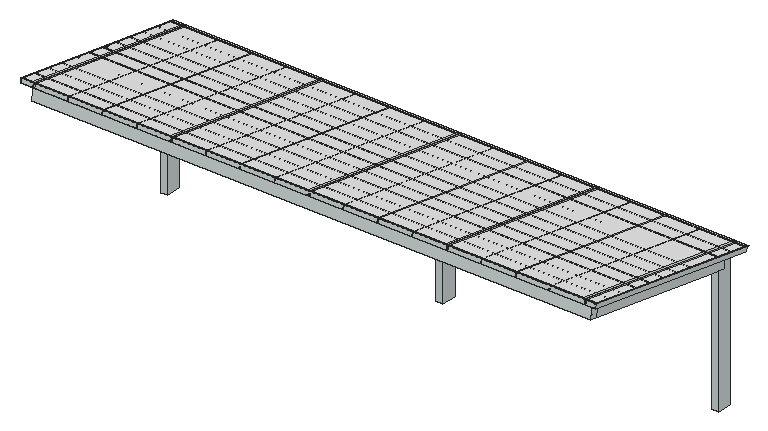
Revit family "Structures Unlimited Single Wing Canopy", category Generic Models, Revit 2018 (continued)
Definition of nested family "Single Wing Canopy Column"
  Parameters (values of type "Single Wing Canopy Column")
    Void Width [instance] = Column Spacing - Beam Width  # 7' - 7"
    Void Offset [instance] = Column Spacing / 2  # 4' - 0"
    Roof Pitch [instance] = 15.00°
    Half Beam Width [instance] = Beam Width / 2  # 0' - 2 1/2"
    Half Beam Height [instance] = Beam Height / 2  # 0' - 7 1/2"
    Column Spacing [instance] = 8' - 0"
    Column Height [instance] = 6' - 8"
    CTR To CTR Of Beams [instance] = 12' - 6"
    CRF [instance] = none
    Beam Width [instance] = 0' - 5"
    Beam Height [instance] = 1' - 3"
  Reference planes (in)
    plane 1 "Center (Front/Back)": y = 0
    plane 2: z = 0
    plane 3 "Center (Left/Right)": x = 0
    plane 4: y = 150
    plane 5: y = -2.5
    plane 6: y = 152.5
    plane 7: x = 92.5
    plane 8: x = -7.5
    plane 9: x = 7.5
    plane 10: z = 80
    plane 11: x = -2.5
    plane 12: z = 85.26345
    plane 13: y = 144
    plane 14: y = 336
    plane 15: y = 528
    plane 16: y = 240
    plane 17: y = 48
    plane 18: y = 432
    plane 19: y = 624
    plane 20: y = 720
    plane 21: y = 816
    plane 22: y = 912
    plane 23: y = 1008
    plane 24: y = 1104
    plane 25: y = 1200
    plane 26: y = 1296
    plane 27: y = 1392
    plane 28: y = 1488
    plane 29: y = 1680
    plane 30: y = 1872
    plane 31: y = 1968
    plane 32: y = 1776
    plane 33: y = 1584
    plane 34: y = 2064
    plane 35: y = 2160
    plane 36: y = 2256
    plane 37: y = 2352
    plane 38: y = 2448
    plane 39: y = 2640
    plane 40: y = 2832
    plane 41: y = 3024
    plane 42: y = 2928
    plane 43: y = 2736
    plane 44: y = 2544
    plane 45: y = 3120
    plane 46: y = 3216
    plane 47: y = 3312
    plane 48: y = 3408
    plane 49: y = 3504
    plane 50: x = -750
    plane 51: x = 2000
    plane 52: z = 1200
  Forms (in)
    Sweep 1, void
      path origin (0, 0, 0) x (1, 0, 0) y (0, 1, 0)
        loop
          line (-750, 3504) -> (2000, 3504) -> (2000, 3408) -> (-750, 3408) -> (-750, 3312) -> (2000, 3312) -> (2000, 3216) -> (-750, 3216) -> (-750, 3120) -> (2000, 3120) -> (2000, 3024) -> (-750, 3024) -> (-750, 2928) -> (2000, 2928) -> (2000, 2832) -> (-750, 2832) -> (-750, 2736) -> (2000, 2736) -> (2000, 2640) -> (-750, 2640) -> (-750, 2544) -> (2000, 2544) -> (2000, 2448) -> (-750, 2448) -> (-750, 2352) -> (2000, 2352) -> (2000, 2256) -> (-750, 2256) -> (-750, 2160) -> (2000, 2160) -> (2000, 2064) -> (-750, 2064) -> (-750, 1968) -> (2000, 1968) -> (2000, 1872) -> (-750, 1872) -> (-750, 1776) -> (2000, 1776) -> (2000, 1680) -> (-750, 1680) -> (-750, 1584) -> (2000, 1584) -> (2000, 1488) -> (-750, 1488) -> (-750, 1392) -> (2000, 1392) -> (2000, 1296) -> (-750, 1296) -> (-750, 1200) -> (2000, 1200) -> (2000, 1104) -> (-750, 1104) -> (-750, 1008) -> (2000, 1008) -> (2000, 912) -> (-750, 912) -> (-750, 816) -> (2000, 816) -> (2000, 720) -> (-750, 720) -> (-750, 624) -> (2000, 624) -> (2000, 528) -> (-750, 528) -> (-750, 432) -> (2000, 432) -> (2000, 336) -> (-750, 336) -> (-750, 240) -> (2000, 240) -> (2000, 144) -> (-750, 144) -> (-750, 48) -> (2000, 48)
      profile origin (625, 48, 0) x (0, 1, 0) y (0, 0, 1)
        loop
          line (-45.5, 0) -> (45.5, 0) -> (45.5, 1200) -> (-45.5, 1200) -> (-45.5, 0)
    Extrusion 2, solid, material <- "CRF"
      sketch origin (0, 0, 0) x (1, 0, 0) y (0, 0, 1)
        loop
          line (-7.5, 0) -> (7.5, 0) -> (7.5, 68.4901) -> (-2.5, 65.8106) -> (-2.5, 81.33975) -> (-7.5, 80) -> (-7.5, 0)
      from 2.5 to -152.5
  Cuts and joins
    Sweep 1 cuts Extrusion 2
  Lines and regions (in)
    reference lines
      curve 1: line (-7.5, 0, 80) -> (186.65109, 0, 132.02263)
      curve 2: line (-33.01573, 0, 57.63394) -> (285.73979, 0, 143.04422)
      curve 3: line (92.5, 0, 106.79492) -> (136.75806, 0, -58.3784)
      curve 4: line (80.93379, 0, 130.6421) -> (138.39162, 0, -83.79344)
  Dimensions and locks (in)
    "CTR To CTR Of Beams": plane 1 "Center (Front/Back)" to plane 4
    "Half Beam Width": plane 5 to plane 1 "Center (Front/Back)"
    "Half Beam Width": plane 6 to plane 4
    equal spacing: plane 8, plane 3 "Center (Left/Right)", plane 9
    "Beam Height": plane 8 to plane 9
    "Width Of Canopy": plane 8 to plane 7
    "Column Height": plane 10 to plane 2
    locked: curve 1 to plane 10
    locked: plane 8 to curve 1 at 0
    "Beam Height": curve 2 to curve 1
    "Beam Width": plane 11 to plane 8
    "Void Offset": plane 1 "Center (Front/Back)" to plane 17
    "Column Spacing": plane 15 to plane 18 to plane 14 to plane 16 to plane 13 to plane 17
    "Column Spacing": plane 28 to plane 27 to plane 26 to plane 25 to plane 24 to plane 23 to plane 22 to plane 21 to plane 20 to plane 19 to plane 15
    "Column Spacing": plane 28 to plane 33 to plane 29 to plane 32 to plane 30 to plane 31 to plane 34 to plane 35 to plane 36 to plane 37 to plane 38 to plane 44 to plane 39 to plane 43 to plane 40 to plane 42 to plane 41
    "Column Spacing": plane 49 to plane 48 to plane 47 to plane 46 to plane 45 to plane 41
    locked: plane 3 "Center (Left/Right)" to plane 51 at 2000
    locked: plane 50 to plane 3 "Center (Left/Right)" at 750
    locked: plane 52 to plane 2 at 1200
    equal spacing: Sweep 1 sketch curve, profile plane, Sweep 1 sketch curve
    "Void Width": Sweep 1 sketch curve to Sweep 1 sketch curve
    "Beam Width": curve 4 to curve 3
    "Roof Pitch": angle plane 2 to curve 1
    "Roof Pitch": angle plane 2 to curve 2
    "Roof Pitch": angle plane 7 to curve 3
    "Roof Pitch": angle plane 7 to curve 4
    aligned and locked: plane 2 to level
    aligned and locked: Sweep 1 sketch curve to plane 17
    aligned and locked: Sweep 1 sketch curve to plane 13
    aligned and locked: Sweep 1 sketch curve to plane 16
    aligned and locked: Sweep 1 sketch curve to plane 14
    aligned and locked: Sweep 1 sketch curve to plane 18
    aligned and locked: Sweep 1 sketch curve to plane 15
    aligned and locked: Sweep 1 sketch curve to plane 19
    aligned and locked: Sweep 1 sketch curve to plane 20
    aligned and locked: Sweep 1 sketch curve to plane 21
    aligned and locked: Sweep 1 sketch curve to plane 22
    aligned and locked: Sweep 1 sketch curve to plane 23
    aligned and locked: Sweep 1 sketch curve to plane 24
    aligned and locked: Sweep 1 sketch curve to plane 25
    aligned and locked: Sweep 1 sketch curve to plane 26
    aligned and locked: Sweep 1 sketch curve to plane 27
    aligned and locked: Sweep 1 sketch curve to plane 28
    aligned and locked: Sweep 1 sketch curve to plane 33
    aligned and locked: Sweep 1 sketch curve to plane 29
    aligned and locked: Sweep 1 sketch curve to plane 32
    aligned and locked: Sweep 1 sketch curve to plane 30
    aligned and locked: Sweep 1 sketch curve to plane 31
    aligned and locked: Sweep 1 sketch curve to plane 34
    aligned and locked: Sweep 1 sketch curve to plane 35
    aligned and locked: Sweep 1 sketch curve to plane 36
    aligned and locked: Sweep 1 sketch curve to plane 37
    aligned and locked: Sweep 1 sketch curve to plane 38
    aligned and locked: Sweep 1 sketch curve to plane 44
    aligned and locked: Sweep 1 sketch curve to plane 39
    aligned and locked: Sweep 1 sketch curve to plane 43
    aligned and locked: Sweep 1 sketch curve to plane 40
    aligned and locked: Sweep 1 sketch curve to plane 42
    aligned and locked: Sweep 1 sketch curve to plane 41
    aligned and locked: Sweep 1 sketch curve to plane 45
    aligned and locked: Sweep 1 sketch curve to plane 46
    aligned and locked: Sweep 1 sketch curve to plane 47
    aligned and locked: Sweep 1 sketch curve to plane 48
    aligned and locked: Sweep 1 sketch curve to plane 49
    aligned and locked: plane 51 to Sweep 1 sketch curve  (x19)
    aligned and locked: Sweep 1 sketch curve to plane 50  (x18)
    aligned and locked: plane 50 to Sweep 1 sketch curve
    aligned and locked: Sweep 1 sketch curve to profile plane
    aligned and locked: plane 52 to Sweep 1 sketch curve
    aligned and locked: Extrusion 2 to plane 5
    aligned and locked: plane 6 to Extrusion 2
    aligned and locked: curve 2 to Extrusion 2 sketch curve
    aligned and locked: Extrusion 2 sketch curve to plane 9
    aligned and locked: Extrusion 2 sketch curve to plane 2
    aligned and locked: plane 8 to Extrusion 2 sketch curve
    aligned and locked: Extrusion 2 sketch curve to curve 1
    aligned and locked: Extrusion 2 sketch curve to plane 11
  Automatic sketch dimensions
    plane 7 to curve 3 = 0' - 0"
    curve 2 to plane 12 = 2' - 3.62952"
    plane 7 to curve 4 = 0' - 11.56621"
Types (14): name | KCRF
  (no name) | KCRF Aluminum #79
  KCRF Aluminum #79 | KCRF Aluminum #79
  KCRF Banner Red #90 | KCRF Banner Red #90
  KCRF Black #95 | KCRF Black #95
  KCRF Blue #15 | KCRF Blue #15
  KCRF Bone White #21B | KCRF Bone White #21B
  KCRF Brick #88 | KCRF Brick #88
  KCRF Bronze #85 | KCRF Bronze #85
  KCRF Coro Blue #48 | KCRF Coro Blue #48
  KCRF Gray #80 | KCRF Gray #80
  KCRF Hartford Green #75 | KCRF Hartford Green #75
  KCRF Minuette #03 | KCRF Minuette #03
  KCRF Mountain Green #70 | KCRF Mountain Green #70
  KCRF White #00 | KCRF White #00
